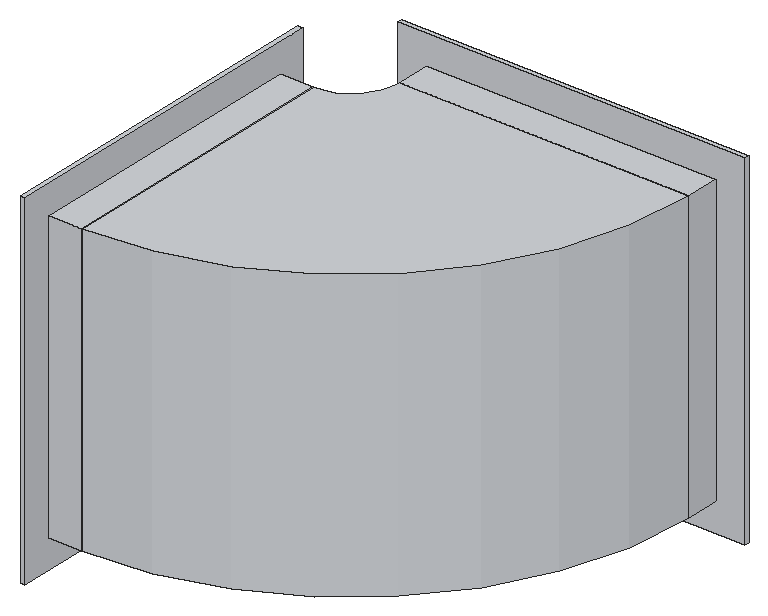
Revit family "RE Bogen BS - Flansch", category Luftkanalformteile, Revit 2014
Parameters (values of type "Allgemein")
  r1 [instance] = if(r = 0 mm, 1 mm, r)  # 50 mm
  f2 [instance] = 35 mm  # constant formula
  f1 [instance] = if(f = 0 mm, f2, f)  # 35 mm
  f [instance] = 0 mm
  e2 [instance] = 35 mm  # constant formula
  e1 [instance] = if(e = 0 mm, e2, e)  # 35 mm
  e [instance] = 0 mm
  alpha [instance] = 90.00°
  RLT_DIN_a [instance] = a  # 300 mm
  Max. ab [instance] = if(a > b, a, b)  # 300 mm
  Länge 1 [instance] = Bogenradius * tan(alpha / 2)  # 200 mm
  a [instance] = 300 mm
  b [instance] = 300 mm
  r [instance] = 50 mm
  Flansch b [instance] = b + 2 * Flanschverlängerung  # 360 mm
  Flansch a [instance] = a + 2 * Flanschverlängerung  # 360 mm
  Flanschstärke [instance] = 5 mm
  Flanschverlängerung [instance] = 30 mm
  Bogenradius [instance] = r1 + b / 2  # 200 mm
Reference planes
  plane 1 "Mitte (vorne/hinten)": y = 0
  plane 2: z = 0
  plane 3 "Mitte (links/rechts)": x = 0
  plane 4: x = -200
  plane 5: y = 200
  plane 6: x = -235
  plane 7: x = -240
  plane 8: y = 180
  plane 9: y = -180
Forms (mm)
  Sweep 1, solid, detail levels medium+fine
    path in 3D
      loop
        arc (-200, 0, 0) -> (-58.579, 58.579, 0) -> (0, 200, 0) r 200
    profile "Luftkanal - rechteckig : Luftkanal - rechteckig" origin (-58.579, 58.579, 0) x (-0.707107, 0.707107, 0) y (0, 0, 1)
      loop
        line (-150, 150) -> (-150, -150) -> (150, -150) -> (150, 150) -> (-150, 150)
  Sweep 2, solid, detail levels medium+fine
    path in 3D
      loop
        line (0, 200, 0) -> (0, 235, 0)
    profile "Luftkanal - rechteckig : Luftkanal - rechteckig" origin (0, 217.5, 0) x (-1, 0, 0) y (0, 0, 1)
      loop
        line (-150, 150) -> (-150, -150) -> (150, -150) -> (150, 150) -> (-150, 150)
  Sweep 3, solid, detail levels medium+fine
    path in 3D
      loop
        line (-235, 0, 0) -> (-200, 0, 0)
    profile "Luftkanal - rechteckig : Luftkanal - rechteckig" origin (-217.5, 0, 0) x (0, 1, 0) y (0, 0, 1)
      loop
        line (-150, 150) -> (-150, -150) -> (150, -150) -> (150, 150) -> (-150, 150)
  Sweep 4, solid, detail levels fine
    path in 3D
      loop
        line (0, 235, 0) -> (0, 240, 0)
    profile "Luftkanal - rechteckig : Luftkanal - Flansch" origin (0, 237.5, 0) x (-1, 0, 0) y (0, 0, 1)
      loop
        line (-180, 180) -> (-180, -180) -> (180, -180) -> (180, 180) -> (-180, 180)
  Sweep 5, solid, detail levels fine
    path in 3D
      loop
        line (-240, 0, 0) -> (-235, 0, 0)
    profile "Luftkanal - rechteckig : Luftkanal - Flansch" origin (-237.5, 0, 0) x (0, 1, 0) y (0, 0, 1)
      loop
        line (-180, 180) -> (-180, -180) -> (180, -180) -> (180, 180) -> (-180, 180)
  Sweep 6, solid, detail levels medium+fine
    path in 3D
      loop
        line (-240, 0, 0) -> (-235, 0, 0)
    profile "Luftkanal - rechteckig : Luftkanal - rechteckig" origin (-237.5, 0, 0) x (0, 1, 0) y (0, 0, 1)
      loop
        line (-150, 150) -> (-150, -150) -> (150, -150) -> (150, 150) -> (-150, 150)
  Sweep 7, solid, detail levels medium+fine
    path in 3D
      loop
        line (0, 235, 0) -> (0, 240, 0)
    profile "Luftkanal - rechteckig : Luftkanal - rechteckig" origin (0, 237.5, 0) x (-1, 0, 0) y (0, 0, 1)
      loop
        line (-150, 150) -> (-150, -150) -> (150, -150) -> (150, 150) -> (-150, 150)
Cuts and joins
  joined: Sweep 3, Sweep 6
  joined: Sweep 2, Sweep 7
Lines and regions (mm)
  reference lines
    curve 1: arc (-200, 0, 0) -> (-58.579, 58.579, 0) -> (0, 200, 0) r 200
    curve 2: line (0, 200, 0) -> (0, 235, 0)
    curve 3: line (-200, 200, 0) -> (440, 200, 0)
    curve 4: line (-99.96, 235, 0) -> (140.04, 235, 0)
    curve 5: line (-235, 0, 0) -> (-200, 0, 0)
    curve 12: line (0, 235, 0) -> (0, 240, 0)
    curve 13: line (-79.72, 240, 0) -> (140.04, 240, 0)
    curve 14: line (-180, 343.676, 0) -> (-180, 173.247, 0)
    curve 15: line (180, 303.676, 0) -> (180, 173.247, 0)
  sketch lines
    curve 6: arc (-200, 0, 0) -> (-58.579, 58.579, 0) -> (0, 200, 0) r 200
    curve 7: line (0, 200, 0) -> (0, 235, 0)
    curve 8: line (-235, 0, 0) -> (-200, 0, 0)
    curve 16: line (0, 235, 0) -> (0, 240, 0)
    curve 20: line (-240, 0, 0) -> (-235, 0, 0)
    curve 22: line (-240, 0, 0) -> (-235, 0, 0)
    curve 23: line (0, 235, 0) -> (0, 240, 0)
  model lines, detail levels coarse
    curve 9: line (0, 200, 0) -> (0, 235, 0)
    curve 10: arc (-200, 0, 0) -> (-58.579, 58.579, 0) -> (0, 200, 0) r 200
    curve 11: line (-235, 0, 0) -> (-200, 0, 0)
    curve 17: line (0, 235, 0) -> (0, 240, 0)
    curve 18: line (-180, 240, 0) -> (180, 240, 0)
    curve 19: line (-240, 0, 0) -> (-235, 0, 0)
    curve 21: line (-240, 180, 0) -> (-240, -180, 0)
Dimensions and locks
  "Länge 1": plane 4 to plane 3 "Mitte (links/rechts)"
  "Bogenradius": plane 5 to plane 1 "Mitte (vorne/hinten)"
  "f1": plane 6 to plane 4
  "e1": curve 2 to curve 2
  "e1": curve 3 to curve 4
  "Flanschstärke": curve 12 to curve 12
  "Flanschstärke": curve 4 to curve 13
  equal spacing: curve 14, curve 2, curve 15
  "Flansch b": curve 14 to curve 15
  "Flanschstärke": plane 7 to plane 6
  equal spacing: plane 8, plane 1 "Mitte (vorne/hinten)", plane 9
  "Flansch b": plane 8 to plane 9
  "Bogenradius": radius of curve 1
  "alpha": angle curve 1 to curve 1
  "alpha": angle plane 1 "Mitte (vorne/hinten)" to curve 2
  "alpha": angle plane 4 to curve 3
  "alpha": angle plane 3 "Mitte (links/rechts)" to curve 4
  "alpha": angle curve 10 to curve 10
  "alpha": angle plane 1 "Mitte (vorne/hinten)" to curve 12
  "alpha": angle plane 3 "Mitte (links/rechts)" to curve 13
  locked: curve 13 to curve 14 (angle 90.00°)
  aligned and locked: plane 5 to curve 1
  aligned and locked: plane 4 to curve 1
  aligned and locked: plane 5 to curve 3
  aligned and locked: plane 4 to curve 3
  aligned and locked: plane 6 to curve 5
  aligned and locked: plane 4 to curve 5
  aligned and locked: plane 1 "Mitte (vorne/hinten)" to curve 5
  aligned and locked: curve 9 to curve 2
  aligned and locked: curve 3 to curve 9
  aligned and locked: curve 10 to curve 1
  aligned and locked: plane 4 to curve 10
  aligned and locked: plane 4 to curve 11
  aligned and locked: plane 1 "Mitte (vorne/hinten)" to curve 11
  aligned and locked: curve 17 to curve 12
  aligned and locked: curve 4 to curve 17
  aligned and locked: curve 13 to curve 17
  aligned and locked: curve 18 to curve 13
  aligned and locked: curve 14 to curve 18
  aligned and locked: curve 15 to curve 18
  aligned and locked: plane 7 to curve 19
  aligned and locked: plane 6 to curve 19
  aligned and locked: plane 1 "Mitte (vorne/hinten)" to curve 19
  aligned and locked: curve 21 to plane 8
  aligned and locked: plane 9 to curve 21
  aligned and locked: curve 21 to plane 7
Automatic sketch dimensions
  curve 4 to curve 2 = 140.04 mm
  curve 12 to curve 2 = 0 mm
  curve 15 to curve 2 = 26.753 mm
  curve 14 to curve 2 = 26.753 mm
  curve 2 to curve 15 = 68.676 mm
  curve 13 to curve 2 = 140.04 mm
Connectors
  hvac at (-240, 0, 0), driven by "a", driven by "b", driven by "alpha"
    settings: on Sweep 5, index 1, duct flow 0.0 L/s, flow factor 0, pres drop 0.0 Pa, loss coef 0, conn angle 90.00°, conn width 300 mm, conn height 300 mm, conn diameter 0 mm, duct sys type 28, conn prof type 1, flow config 0, flow direction 0, loss method 0, conn ref index 2, conn util no, is conn primary yes, conn desc ""
  hvac at (0, 240, 0), driven by "a", driven by "b", driven by "alpha"
    settings: on Sweep 4, index 2, duct flow 0.0 L/s, flow factor 0, pres drop 0.0 Pa, loss coef 0, conn angle 90.00°, conn width 300 mm, conn height 300 mm, conn diameter 609.6 mm, duct sys type 28, conn prof type 1, flow config 0, flow direction 0, loss method 0, conn ref index 1, conn util no, is conn primary no, conn desc ""
